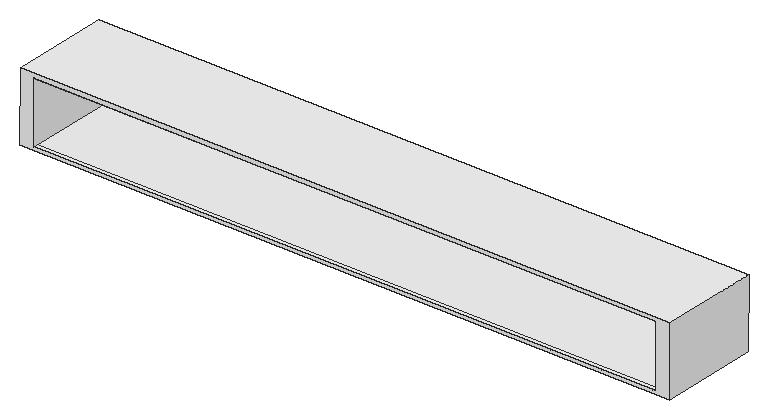
Revit family "Pursuit-M-ID", category Lighting Fixtures, host Face, Revit 2014
Parameters (values of type "RN-M-ID-02")
  Wattage = 13 W
  Warranty = "5-Years Warranty"  # constant formula
  built-in parameter 1150110 = 1 (stored number, unit not read)
  Voltage = 120 V
  Type Comments = "Lighting Fixture"  # constant formula
  built-in parameter 1114217 = 1 (stored number, unit not read)
  Tilt Angle = -90.00°
  built-in parameter 1150109 = 1 (stored number, unit not read)
  built-in parameter 1150134 = (empty or 0)
  built-in parameter 1150113 = 1 (stored number, unit not read)
  Product Page URL = "https://www.hubbell.com/architecturalarealighting/en/Products/Lighting-Controls/Commercial-Outdoor-Lighting/Wall-Mount/Pursuit-Family/p/2834000"
  Product Documentation Link = "https://hubbellcdn.com/specsheet/aal_rni_spec.pdf"
  Power Factor = 1
  Photometric Web File = "RN-ID-2-10-3K8-AS-AS-CL.ies"
  Photometric Notes = "More IES files download on Photometric Link"  # constant formula
  Photometric Link = "https://www.hubbell.com/architecturalarealighting/en/Products/Lighting-Controls/Commercial-Outdoor-Lighting/Wall-Mount/Pursuit-Family/p/2834000"
  zz Length 1 = 24.00"
  Wattage Comments = ""
  URL = "https://www.hubbell.com/architecturalarealighting/en/"
  Mounting = "Mullion"  # constant formula
  Model = "Pursuit - Mullion Indirect"  # constant formula
  Manufacturer = "Architectural Area Lighting"  # constant formula
  built-in parameter 1150105 = 128.28 (stored number, unit not read)
  Lumens = 1612 lm
  built-in parameter 1150115 = 1 (stored number, unit not read)
  Load Classification = Lighting
  built-in parameter 1150137 = (empty or 0)
  built-in parameter 1150139 = (empty or 0)
  built-in parameter 1150112 = 1 (stored number, unit not read)
  built-in parameter 1150114 = 1 (stored number, unit not read)
  Lamp = "LED"  # constant formula
  built-in parameter 1150132 = (empty or 0)
  built-in parameter 1150102 = (empty or 0)
  built-in parameter 1150107 = 3500 (stored number, unit not read)
  built-in parameter 1150138 = (empty or 0)
  built-in parameter 1150106 = 1.2828 (stored number, unit not read)
  Glass = Glass - Hubbell - White
  Fixture Distribution = "Direct/Indirect"  # constant formula
  Emit from Rectangle Width = zz Length 1 - 1.00"  # 23.00"
  Emit from Rectangle Length = 2.00"  # constant formula
  Emit Shape Visible in Rendering = no
  built-in parameter 1150104 = 11.52 (stored number, unit not read)
  Dimming Lamp Color Temperature Shift = <None>
  Description = "Linear Unlimted Low profile linear form factor seamlessly blends with the architecture - day or night. Individual housing lengths can be connected with external lens for seamless and continuous runs up to 150' to meet a variety of applications"  # constant formula
  Default Elevation = 48.00"
  Create Date = "07/24/2018"  # constant formula
  Copyright = "Copyright © 2018 AAL"  # constant formula
  Contact Us = "https://www.hubbell.com/architecturalarealighting/en/contactUs"
  Color Filter = 16777215
  built-in parameter 1114218 = 1 (stored number, unit not read)
  Housing Material = Paint - Hubbell - White
  built-in parameter 1150133 = 10 (stored number, unit not read)
  Assembly Code = "D5020200"
  Apparent Load = 0 VA
Types (6): name | Photometric Web File | zz Length 1 | Emit from Rectangle Width
  (no name) | "RN-ID-2-10-3K8-AS-AS-CL.ies" | 24.00" | 23.00"
  RN-M-ID-02 | "RN-ID-2-10-3K8-AS-AS-CL.ies" | 24.00" | 23.00"
  RN-M-ID-03 | "RN-U-2-10-3K8-SM.ies" | 36.00" | 35.00"
  RN-M-ID-04 | "RN-U-2-10-3K8-SM.ies" | 48.00" | 47.00"
  RN-M-ID-06 | "RN-U-2-10-3K8-SM.ies" | 72.00" | 71.00"
  RN-M-ID-08 | "RN-U-2-10-3K8-SM.ies" | 96.00" | 95.00"
Reference planes (in)
  plane 1 "Center (Front/Back)": y = 13.01342
  plane 2: z = 0
  plane 3 "Center (Left/Right)": x = 0
  plane 4: x = -12
  plane 5: x = 12
  plane 6: x = -5.75
  plane 7: x = 5.75
  plane 8: z = 0.5
  plane 9: z = 0.5
  plane 10: x = -4.5
  plane 11: x = -7
  plane 12: x = 7
  plane 13: x = 4.5
  plane 14: z = 3.05
  plane 15: y = 14.83842
  plane 16: y = 13.73842
Forms (in)
  Extrusion 1, solid, material "Paint - Hubbell - White" <- "Housing Material"
    sketch origin (0, 13.01342, 0) x (1, 0, 0) y (0, 0, 1)
      loop
        line (-7, 0) -> (-4.5, 0) -> (-4.5, 0.50078) -> (-7, 0.50078) -> (-7, 0)
      loop
        line (7, 0) -> (7, 0.50078) -> (4.5, 0.50078) -> (4.5, 0) -> (7, 0)
    from -1.825 to -0.725
Dimensions and locks (in)
  equal spacing: plane 5, plane 3 "Center (Left/Right)", plane 4
  "zz Length 1": plane 5 to plane 4
  locked: plane 8 to plane 2 at 0.5
  locked: plane 6 to plane 4 at 6.25
  locked: plane 5 to plane 7 at 6.25
  plane 14 to plane 9 = 2.55"
  locked: plane 10 to plane 11 at 2.5
  equal spacing: plane 10, plane 6, plane 11
  equal spacing: plane 12, plane 7, plane 13
  locked: plane 12 to plane 13 at 2.5
  locked: plane 15 to plane 16 at 1.1
  aligned and locked: plane 2 to host face
  aligned and locked: level to host face
  aligned and locked: plane 3 "Center (Left/Right)" to nested 1
  aligned and locked: plane 1 "Center (Front/Back)" to nested 1
  aligned and locked: plane 3 "Center (Left/Right)" to imposter light
  aligned and locked: Extrusion 1 to nested 1  (x2)
  aligned and locked: plane 16 to Extrusion 1
Automatic sketch dimensions
  host sketch curve to host sketch curve = 96.00"  (x2)
  Extrusion 1 sketch curve to plane 11 = 0.00"
  Extrusion 1 sketch curve to plane 10 = 0.00"
  plane 8 to Extrusion 1 sketch curve = 0.00078"  (x2)
  Extrusion 1 sketch curve to plane 13 = 0.00"
  Extrusion 1 sketch curve to plane 12 = 0.00"
  Extrusion 1 sketch curve to level = 0.00"  (x2)
Nested families (in)
  nested 1: "Mullion Direct/Indirect" at (-0.01104, 12.97343, 0.5), Glass <- "Glass", Backbox <- "Housing Material", Length <- "zz Length 1", type "Mullion Direct/Indirect"
    with Length 24.00", Glass Glass - Hubbell - White, Backbox Paint - Hubbell - White
Connectors (in)
  electrical at (0, 11.18842, 1.77578), driven by "Load Classification", driven by "Voltage", driven by "Apparent Load", driven by "Power Factor"
    settings: on nested 1, index 1, voltage 120 V, apparent load 0 VA, apparent load phase1 0 VA, apparent load phase2 0 VA, apparent load phase3 0 VA, power factor 1, load classification "Lighting", number of poles 1, system type 30, power factor state 1, is connector primary yes, connector utility no, sub classification motor no, connector description "Electrical Connector"
Definition of nested family "Mullion Direct/Indirect"
  Parameters (values of type "Pendent Indirect")
    Wattage Comments = ""
    URL = ""
    Model = ""
    Manufacturer = ""
    Length [instance] = 36.00"
    Lamp = ""
    Glass [instance] = none
    Description = ""
    Default Elevation = 48.00"
    Backbox [instance] = none
  Reference planes (in)
    plane 1 "Center (Front/Back)": y = 0.03999
    plane 2: z = 0
    plane 3 "Center (Left/Right)": x = 0.01104
    plane 4: x = -17.98896
    plane 5: x = 18.01104
    plane 6: x = -17.48896
    plane 7: x = 17.51104
    plane 8: y = 1.22499
    plane 9: y = -1.14501
    plane 10: y = -1.23501
    plane 11: y = 1.31499
    plane 12: z = 2.55078
    plane 13: z = 0.125
    plane 14: z = 2.42578
    plane 15: z = 1.27539
    plane 16: y = 1.86499
    plane 17: y = -1.78501
  Forms (in)
    Extrusion 1, solid
      sketch origin (0, 0, 0.06357) x (1, 0, 0) y (0, 1, 0)
        loop
          line (-48, 48) -> (-48, -48) -> (48, -48) -> (48, 48) -> (-48, 48)
      from -0.06357 to -12.81105
    Extrusion 2, solid, material <- "Backbox"
      sketch origin (0.01104, -1.78501, 1.31577) x (0, 0, -1) y (0, 1, 0)
        loop
          line (1.31499, 3.65) -> (-1.23501, 3.65) -> (-1.23501, 0) -> (1.31499, 0) -> (1.31499, 3.65)
      from -18 to 18
    Extrusion 3, solid, material <- "Glass"
      sketch origin (0, -0.99751, 1.31577) x (1, 0, 0) y (0, 0, -1)
        loop
          line (-17.48896, 1.19077) -> (-17.48896, -1.11001) -> (17.51104, -1.11001) -> (17.51104, 1.19077) -> (-17.48896, 1.19077)
      from -0.7875 to -0.6625
    Extrusion 4, void
      sketch origin (-23.78896, -1.78501, -6.81797) x (0, 0, 1) y (-1, 0, 0)
        loop
          line (6.94297, -6.3) -> (6.94297, -41.3) -> (9.24375, -41.3) -> (9.24375, -6.3) -> (6.94297, -6.3)
      from 0 to -3.65
    Extrusion 5, solid, material <- "Glass"
      sketch origin (0, 1.07749, 1.31577) x (1, 0, 0) y (0, 0, 1)
        loop
          line (-17.48896, -1.19077) -> (17.51104, -1.19077) -> (17.51104, 1.11001) -> (-17.48896, 1.11001) -> (-17.48896, -1.19077)
      from -0.7875 to -0.6625
  Cuts and joins
    Extrusion 4 cuts Extrusion 2
  Dimensions and locks (in)
    "Length": plane 5 to plane 4
    locked: plane 6 to plane 4 at 0.5
    locked: plane 5 to plane 7 at 0.5
    equal spacing: plane 5, plane 3 "Center (Left/Right)", plane 4
    locked: plane 12 to plane 14 at 0.125
    locked: plane 2 to plane 13 at 0.125
    plane 12 to plane 2 = 2.55078"
    equal spacing: plane 12, plane 15, plane 2
    aligned and locked: plane 2 to Extrusion 1
    aligned and locked: Extrusion 2 to plane 4
    aligned and locked: plane 5 to Extrusion 2
    aligned and locked: Extrusion 4 to Extrusion 3  (x3)
    aligned and locked: plane 12 to Extrusion 2
    aligned and locked: plane 14 to Extrusion 4
    aligned and locked: Extrusion 3 to cut or joined group of Extrusion 2, Extrusion 4
    aligned and locked: plane 13 to Extrusion 3
    aligned and locked: Extrusion 4 to plane 6
    aligned and locked: plane 7 to Extrusion 4
    aligned and locked: Extrusion 2 to Extrusion 4
  Automatic sketch dimensions
    Extrusion 1 sketch curve to Extrusion 1 sketch curve = 96.00"  (x2)
    Extrusion 2 sketch curve to plane 12 = 0.00"
    Extrusion 2 sketch curve to plane 17 = 0.00"
    Extrusion 2 sketch curve to plane 16 = 0.00"
    level to Extrusion 2 sketch curve = 0.00078"
    Extrusion 3 sketch curve to plane 6 = 0.00"
    Extrusion 3 sketch curve to plane 7 = 0.00"
    Extrusion 3 sketch curve to plane 14 = 0.00"
    Extrusion 3 sketch curve to plane 13 = 0.00"
    Extrusion 4 sketch curve to plane 7 = 0.00"
    Extrusion 4 sketch curve to plane 13 = 0.00"
    Extrusion 4 sketch curve to plane 6 = 0.00"
    Extrusion 4 sketch curve to plane 14 = 0.00"
    Extrusion 5 sketch curve to plane 6 = 0.00"
    Extrusion 5 sketch curve to plane 7 = 0.00"
    Extrusion 5 sketch curve to plane 13 = 0.00"
    Extrusion 5 sketch curve to plane 14 = 0.00"
